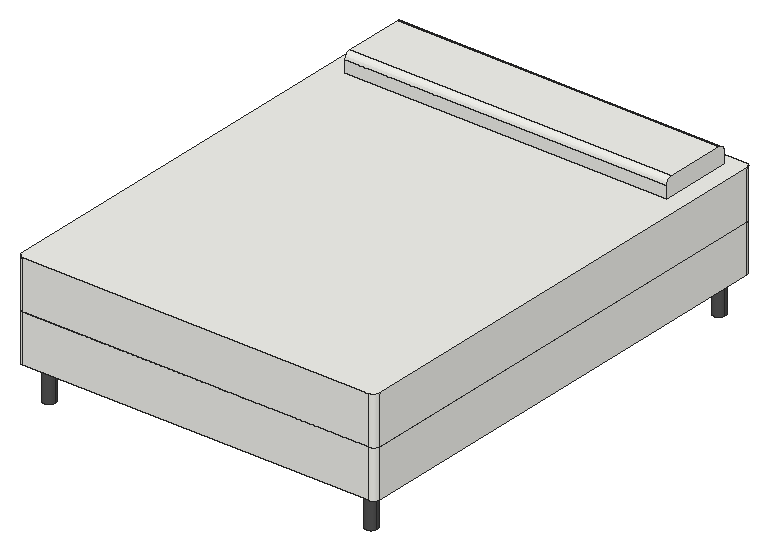
Revit family
Parameters (values of type "Queen 60" x 79"")
  Assembly Code = "E2020200"
  Leg Material = Metal - Chrome
  Length = 6' - 7"
  Mattress Material = Textile - White
  Width = 5' - 0"
Types (5): name | Length | Width
  (no name) | 6' - 7" | 5' - 0"
  Double 54" x 75" | 6' - 3" | 4' - 6"
  Twin 38" x 75" | 6' - 3" | 3' - 2"
  Queen 60" x 79" | 6' - 7" | 5' - 0"
  King 78" x 80" | 6' - 8" | 6' - 6"
Reference planes (in)
  plane 1 "Center (Front/Back)": y = -1.79508
  plane 2: z = 0
  plane 3 "Center (Left/Right)": x = 10.68852
  plane 4: y = 37.70492
  plane 5: y = -41.29508
  plane 6: x = 40.68852
  plane 7: x = -19.31148
  plane 8: x = -16.31148
  plane 9: x = 37.68852
  plane 10: y = 34.70492
  plane 11: y = -38.29508
  plane 12: x = -16.31148
  plane 13: x = 37.68852
Forms (in)
  Extrusion 1, solid, material "Textile - White"
    sketch origin (0, 0, 14) x (1, 0, 0) y (0, 1, 0)
      loop
        line (39.68852, 37.70492) -> (-18.31148, 37.70492)
        arc (-18.31148, 37.70492) -> (-19.01858, 37.41202) -> (-19.31148, 36.70492) r 1
        line (-19.31148, 36.70492) -> (-19.31148, -40.29508)
        arc (-19.31148, -40.29508) -> (-19.01858, -41.00219) -> (-18.31148, -41.29508) r 1
        line (-18.31148, -41.29508) -> (39.68852, -41.29508)
        arc (39.68852, -41.29508) -> (40.39563, -41.00219) -> (40.68852, -40.29508) r 1
        line (40.68852, -40.29508) -> (40.68852, 36.70492)
        arc (40.68852, 36.70492) -> (40.39563, 37.41202) -> (39.68852, 37.70492) r 1
    from 0 to 8
  Extrusion 2, solid, material "Metal - Chrome"
    sketch origin (0, 0, 0) x (1, 0, 0) y (0, 1, 0)
      loop
        circle (-16.31148, 34.70492) r 1
      loop
        circle (37.68852, 34.70492) r 1
      loop
        circle (37.68852, -38.29508) r 1
      loop
        circle (-16.31148, -38.29508) r 1
    from 0 to 6
  Extrusion 3, solid, material "Textile - White"
    sketch origin (40.68852, 0, 0) x (0, -1, 0) y (0, 0, 1)
      loop
        line (-35.70492, 22) -> (-23.70492, 22) -> (-23.70492, 24)
        arc (-23.70492, 24) -> (-23.99781, 24.70711) -> (-24.70492, 25) r 1
        line (-24.70492, 25) -> (-34.70492, 25)
        arc (-34.70492, 25) -> (-35.41202, 24.70711) -> (-35.70492, 24) r 1
        line (-35.70492, 24) -> (-35.70492, 22)
    from 3 to 57
  Extrusion 4, solid, material "Textile - White"
    sketch origin (0, 0, 0) x (1, 0, 0) y (0, 1, 0)
      loop
        line (-19.31148, 36.70492) -> (-19.31148, -40.29508)
        arc (-19.31148, -40.29508) -> (-19.01858, -41.00219) -> (-18.31148, -41.29508) r 1
        line (-18.31148, -41.29508) -> (39.68852, -41.29508)
        arc (39.68852, -41.29508) -> (40.39563, -41.00219) -> (40.68852, -40.29508) r 1
        line (40.68852, -40.29508) -> (40.68852, 36.70492)
        arc (40.68852, 36.70492) -> (40.39563, 37.41202) -> (39.68852, 37.70492) r 1
        line (39.68852, 37.70492) -> (-18.31148, 37.70492)
        arc (-18.31148, 37.70492) -> (-19.01858, 37.41202) -> (-19.31148, 36.70492) r 1
    from 6 to 14
Lines and regions (in)
  Masking region 1
    outline origin (0, 0, 0) x (1, 0, 0) y (0, 1, 0)
      loop
        line (-19.31148, 37.70492) -> (-19.31148, -41.29508) -> (40.68852, -41.29508) -> (40.68852, 37.70492) -> (-19.31148, 37.70492)
  symbolic lines
    curve 1: line (-16.31148, 35.70492, 0) -> (37.68852, 35.70492, 0)
    curve 2: line (-16.31148, 35.70492, 0) -> (-16.31148, 23.70492, 0)
    curve 3: line (-16.31148, 23.70492, 0) -> (37.68852, 23.70492, 0)
    curve 4: line (37.68852, 35.70492, 0) -> (37.68852, 23.70492, 0)
    curve 5: line (40.68852, 23.70492, 0) -> (-19.31148, 15.1253, 0)
Dimensions and locks (in)
  equal spacing: plane 7, plane 3 "Center (Left/Right)", plane 6
  equal spacing: plane 5, plane 1 "Center (Front/Back)", plane 4
  "Width": plane 7 to plane 6
  "Length": plane 5 to plane 4
  locked: plane 10 to plane 4 at 3
  locked: plane 5 to plane 11 at 3
  locked: plane 7 to plane 8 at 3
  locked: plane 9 to plane 6 at 3
  locked: plane 7 to plane 12 at 3
  locked: plane 13 to plane 6 at 3
  aligned and locked: Masking region 1 sketch curve to plane 7
  aligned and locked: plane 6 to Masking region 1 sketch curve
  aligned and locked: plane 4 to Masking region 1 sketch curve
  aligned and locked: Masking region 1 sketch curve to plane 5
  aligned and locked: plane 12 to Extrusion 3
  aligned and locked: plane 12 to curve 2
  aligned and locked: Extrusion 3 to plane 13
  aligned and locked: plane 13 to curve 4
  aligned and locked: plane 7 to Extrusion 1 sketch curve
  aligned and locked: Extrusion 1 sketch curve to plane 6
  aligned and locked: Extrusion 1 sketch curve to plane 4
  aligned and locked: plane 5 to Extrusion 1 sketch curve
  aligned and locked: Extrusion 4 sketch curve to plane 4
  aligned and locked: plane 7 to Extrusion 4 sketch curve
  aligned and locked: plane 5 to Extrusion 4 sketch curve
  aligned and locked: Extrusion 4 sketch curve to plane 6
Automatic sketch dimensions
  Extrusion 2 sketch curve to plane 11 = 0' - 0"  (x2)
  Extrusion 2 sketch curve to plane 8 = 0' - 0"  (x2)
  Extrusion 2 sketch curve to plane 10 = 0' - 0"  (x2)
  Extrusion 2 sketch curve to plane 9 = 0' - 0"  (x2)
  Extrusion 2 sketch curve to Extrusion 2 sketch curve = 0' - 1"  (x2)
  Extrusion 2 sketch curve to plane 7 = 0' - 2"
  plane 9 to Extrusion 2 sketch curve = 0' - 1"
  plane 4 to Extrusion 3 sketch curve = 0' - 2"
  Extrusion 3 sketch curve to Extrusion 3 sketch curve = 0' - 1"  (x2)
  Extrusion 3 sketch curve to Extrusion 3 sketch curve = 0' - 2"
  Extrusion 3 sketch curve to Extrusion 3 sketch curve = 0' - 10"
  level to Extrusion 3 sketch curve = 1' - 10"
  curve 5 to plane 1 "Center (Front/Back)" = 1' - 4.92038"
  plane 4 to curve 4 = 1' - 2"
  curve 5 to curve 3 = 0' - 0"
  plane 4 to curve 1 = 0' - 2"
  curve 5 to plane 7 = 0' - 0"
  curve 5 to plane 6 = 0' - 0"
  Extrusion 1 sketch curve to plane 7 = 0' - 1"  (x2)
  plane 6 to Extrusion 1 sketch curve = 0' - 1"
  plane 4 to Extrusion 1 sketch curve = 0' - 1"
  Extrusion 4 sketch curve to Extrusion 4 sketch curve = 0' - 1"  (x2)
  plane 6 to Extrusion 4 sketch curve = 0' - 1"
  plane 4 to Extrusion 4 sketch curve = 0' - 1"
